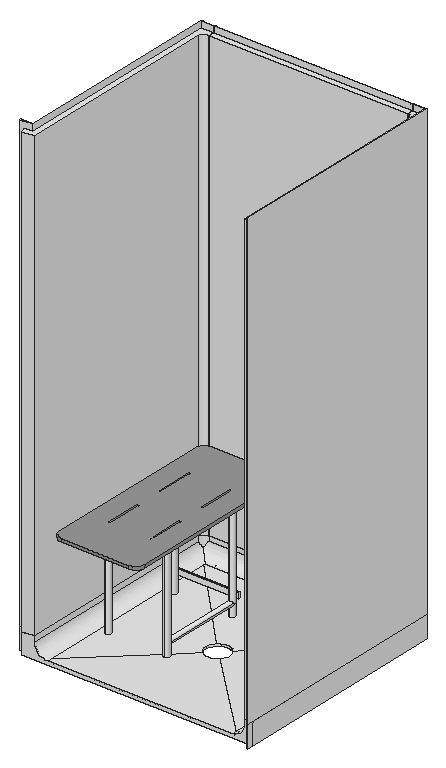
Revit family "4LSS4038A5T,A2T,A5B,A2B", category Plumbing Fixtures, Revit 2014
Parameters (values of type "4LSS4038A5T")
  Unit Width = 3' - 4 1/2"
  Unit Height = 6' - 9 1/8"
  URL = "http://www.best-bath.com/"
  Type Comments = "ADA Compliant"
  Threshold Height = 0' - 0 5/8"
  Model = "4LSS4038A5T"
  Material [instance] = Best Bath Gelcoat Fiberglass - Smooth
  Manufacturer = "Best Bath Systems, Inc."
  Keynote = "22 40 00.B3"
  Description = "Traditional Bull Nose Threshold"
  Assembly Code = "D2010710"
Types (5): name | Unit Height | Threshold Height | Model | Description
  (no name) | 6' - 9 1/8" | 0' - 0 5/8" | "4LSS4038A5T" | "Traditional Bull Nose Threshold"
  4LSS4038A5B | 6' - 9 1/8" | 0' - 0 5/8" | "4LSS4038A5B" | "Beveled Threshold"
  4LSS4038A5T | 6' - 9 1/8" | 0' - 0 5/8" | "4LSS4038A5T" | "Traditional Bull Nose Threshold"
  4LSS4038A2T | 6' - 10 1/2" | 0' - 2" | "4LSS4038A2T" | "Traditional Bull Nose Threshold"
  4LSS4038A2B | 6' - 10 1/2" | 0' - 2" | "4LSS4038A2B" | "Beveled Threshold"
Reference planes (in)
  plane 1 "Back": y = -0.5
  plane 2: z = 0
  plane 3 "Left": x = 0
  plane 4: x = 38.5
  plane 5: y = -37.625
  plane 6: z = 80.125
  plane 7: z = 0.625
  plane 8: z = 81.125
  plane 9: x = 19.25
  plane 10: z = 18.625
  plane 11: y = -36.625
  plane 12: y = -1.75
  plane 13: y = -21
  plane 14: z = 0.25
  plane 15: z = 34.625
  plane 16: z = 39.625
  plane 17: y = -38.625
  plane 18: x = -2
  plane 19: z = 3.625
Forms (in)
  Extrusion 1, solid, material "Best Bath Gelcoat Fiberglass - Smooth"
    sketch origin (0, 0, 0) x (1, 0, 0) y (0, 1, 0)
      loop
        line (0, -0.5) -> (0, -37.625) -> (38.5, -37.625) -> (38.5, -0.5) -> (0, -0.5)
      loop
        circle (19.25, -21) r 2.0625
    from 0 to 0.625
  Extrusion 2, solid, material "Best Bath Gelcoat Fiberglass - Smooth"
    sketch origin (0, 0, 0) x (1, 0, 0) y (0, 1, 0)
      loop
        line (0, -0.5) -> (0, -36.625) -> (-1.20994, -36.625) -> (-0.875, -37.625) -> (1.25, -37.625) -> (1.25, -2.75)
        arc (1.25, -2.75) -> (1.54289, -2.04289) -> (2.25, -1.75) r 1
        line (2.25, -1.75) -> (36.25, -1.75)
        arc (36.25, -1.75) -> (36.95711, -2.04289) -> (37.25, -2.75) r 1
        line (37.25, -2.75) -> (37.25, -37.625) -> (38.5, -37.625) -> (38.5, -0.5) -> (0, -0.5)
    from 0 to 3.625
  Extrusion 3, solid, material "Best Bath Gelcoat Fiberglass - Smooth"
    sketch origin (0, 0, 0) x (1, 0, 0) y (0, 1, 0)
      loop
        line (0, -36.625) -> (-1.20994, -36.625) -> (-0.875, -37.625) -> (1.25, -37.625) -> (1.25, -2.75185)
        arc (1.25, -2.75185) -> (1.54289, -2.04475) -> (2.25, -1.75185) r 1
        line (2.25, -1.75185) -> (2.25, -0.5) -> (0, -0.5) -> (0, -36.625)
      loop
        line (38.5, -37.625) -> (38.5, -0.5) -> (36.25, -0.5) -> (36.25, -1.75185)
        arc (36.25, -1.75185) -> (36.95711, -2.04475) -> (37.25, -2.75185) r 1
        line (37.25, -2.75185) -> (37.25, -37.625) -> (38.5, -37.625)
    from 3.625 to 80.125
  Extrusion 4, solid, material "Best Bath Gelcoat Fiberglass - Smooth"
    sketch origin (0, 0.2837, 0) x (1, 0, 0) y (0, 1, 0)
      loop
        line (2.25, -0.7837) -> (2.25, -2.0337) -> (36.25, -2.0337) -> (36.25, -0.7837) -> (2.25, -0.7837)
    from 3.625 to 80.125
  Extrusion 5, solid, material "Best Bath Gelcoat Fiberglass - Smooth"
    sketch origin (0, 0, 0) x (1, 0, 0) y (0, 1, 0)
      loop
        line (0, -0.5) -> (0, -36.5) -> (-2, -36.5) -> (-2, -36.625) -> (0.125, -36.625) -> (0.125, -0.625) -> (38.375, -0.625) -> (38.375, -38.625) -> (38.5, -38.625) -> (38.5, -0.5) -> (0, -0.5)
    from 0 to 3.625
  Sweep 6, solid, material "Best Bath Gelcoat Fiberglass - Smooth"
    path origin (0, 0, 0) x (1, 0, 0) y (0, 1, 0)
      loop
        line (1.25, -37.625) -> (1.25, -1.75) -> (37.25, -1.75) -> (37.25, -37.625)
    profile origin (1.25, -19.6875, 0) x (-1, 0, 0) y (0, 0, 1)
      loop
        line (0, 0.625) -> (0, 2.825)
        arc (0, 2.825) -> (-0.64437, 1.26937) -> (-2.2, 0.625) r 2.2
        line (-2.2, 0.625) -> (0, 0.625)
  Blend 7, void
    base sketch origin (0, 0, 0) x (1, 0, 0) y (0, 1, 0)
      loop
        line (2.6587, -3.5) -> (2.6587, -37.625) -> (35.75, -37.625) -> (35.75, -3.5) -> (2.6587, -3.5)
    top sketch origin (0, 0, 0) x (1, 0, 0) y (0, 1, 0)
      loop
        circle (19.25, -21) r 0.03988
    from 0.625 to 0.25
  Extrusion 8, solid, material "Best Bath Gelcoat Fiberglass - Smooth"
    sketch origin (0, 0, 0) x (1, 0, 0) y (0, 1, 0)
      loop
        line (0, -0.5) -> (0, -36.5) -> (-2, -36.5) -> (-2, -36.625) -> (0.125, -36.625) -> (0.125, -0.625) -> (2.25, -0.625) -> (2.25, -0.5) -> (0.125, -0.5) -> (0, -0.5)
      loop
        line (38.5, -38.625) -> (38.5, -0.5) -> (36.25, -0.5) -> (36.25, -0.625) -> (38.375, -0.625) -> (38.375, -38.625) -> (38.5, -38.625)
    from 3.625 to 81.125
  Extrusion 9, solid, material "Best Bath Gelcoat Fiberglass - Smooth"
    sketch origin (0, 0, 0) x (1, 0, 0) y (0, 1, 0)
      loop
        line (2.25, -0.5) -> (2.25, -0.625) -> (36.25, -0.625) -> (36.25, -0.5) -> (2.25, -0.5)
    from 80.125 to 81.125
Cuts and joins
  joined: Extrusion 3, Extrusion 8
  joined: Extrusion 4, Extrusion 9
  Blend 7 cuts Extrusion 1
  Blend 7 cuts Extrusion 2
  Blend 7 cuts Sweep 6
  joined: Extrusion 1, Extrusion 2, Sweep 6
Dimensions and locks (in)
  locked: plane 3 "Left" to plane 4 at 38.5
  "Threshold Height": plane 7 to level
  locked: plane 8 to plane 6 at 1
  "Unit Height": plane 8 to level
  equal spacing: plane 3 "Left", plane 9, plane 4
  locked: plane 11 to plane 5 at 1
  plane 1 "Back" to plane 13 = 1' - 8 1/2"
  plane 12 to plane 1 "Back" = 0' - 1 1/4"
  Extrusion 2 sketch curve to Extrusion 1 = 0' - 1 1/4"
  Extrusion 1 to Extrusion 2 sketch curve = 0' - 1 1/4"
  locked: plane 7 to plane 14 at 0.375
  locked: plane 10 to plane 7 at 18
  locked: plane 16 to plane 7 at 39
  locked: plane 15 to plane 7 at 34
  locked: plane 5 to plane 17 at 1
  locked: plane 17 to plane 1 "Back" at 38.125
  "Unit Width": plane 18 to plane 4
  locked: plane 19 to plane 7 at 3
  aligned and locked: level to plane 2
  aligned and locked: plane 7 to Extrusion 1
  aligned and locked: plane 5 to Extrusion 1 sketch curve
  aligned and locked: plane 4 to Extrusion 1 sketch curve
  aligned and locked: Extrusion 2 sketch curve to Extrusion 1  (x4)
  aligned and locked: Extrusion 2 sketch curve to plane 12
  aligned and locked: plane 13 to Extrusion 1 sketch curve
  aligned and locked: plane 9 to Extrusion 1 sketch curve
  aligned and locked: plane 6 to Extrusion 3
  aligned and locked: plane 6 to Extrusion 4
  aligned and locked: plane 10 to nested 1
  aligned and locked: plane 15 to nested 2
  aligned and locked: plane 16 to nested 4
  aligned and locked: plane 15 to nested 3
  aligned and locked: Sweep 6 sketch curve to plane 7
  aligned and locked: plane 13 to Blend 7 sketch curve
  aligned and locked: plane 9 to Blend 7 sketch curve
  aligned and locked: Extrusion 1 to Blend 7
  aligned and locked: Blend 7 to plane 14
  aligned and locked: Extrusion 5 to Extrusion 3
  aligned and locked: Extrusion 8 to Extrusion 3
  aligned and locked: Extrusion 8 to Extrusion 4
  aligned and locked: plane 8 to Extrusion 8
  aligned and locked: Extrusion 9 to plane 6
  aligned and locked: plane 8 to Extrusion 9
  aligned and locked: plane 19 to cut or joined group of Extrusion 1, Extrusion 2, Sweep 6, Blend 7
  aligned and locked: cut or joined group of Extrusion 4, Extrusion 9 to plane 19
Automatic sketch dimensions
  Extrusion 1 sketch curve to plane 3 "Left" = 0' - 0"
  plane 1 "Back" to Extrusion 1 sketch curve = 0' - 0"
  Extrusion 2 sketch curve to plane 11 = 0' - 0"
  Extrusion 2 sketch curve to plane 5 = 0' - 0"
  Extrusion 2 sketch curve to plane 3 "Left" = 0' - 0 7/8"
  Extrusion 2 sketch curve to Extrusion 2 sketch curve = 0' - 0.33494"
  Extrusion 2 sketch curve to Extrusion 2 sketch curve = 0' - 1"  (x2)
  Sweep 6 sketch curve to profile plane = 0' - 0"
  profile plane to Sweep 6 sketch curve = 0' - 2.2"
  Blend 7 sketch curve to plane 5 = 0' - 0"
  plane 3 "Left" to Blend 7 sketch curve = 0' - 2.6587"
  plane 4 to Blend 7 sketch curve = 0' - 2 3/4"
  Blend 7 sketch curve to plane 12 = 0' - 1 3/4"
  Extrusion 5 sketch curve to plane 11 = 0' - 0"
  plane 1 "Back" to Extrusion 5 sketch curve = 0' - 0"
  Extrusion 5 sketch curve to plane 3 "Left" = 0' - 0"
  Extrusion 5 sketch curve to plane 17 = 0' - 0"
  Extrusion 5 sketch curve to plane 4 = 0' - 0"
  Extrusion 5 sketch curve to plane 3 "Left" = 0' - 2"
  plane 3 "Left" to Extrusion 5 sketch curve = 0' - 0 1/8"
  plane 4 to Extrusion 5 sketch curve = 0' - 0 1/8"
  plane 11 to Extrusion 5 sketch curve = 0' - 0 1/8"
  plane 1 "Back" to Extrusion 5 sketch curve = 0' - 0 1/8"
  Sweep 6 sketch curve to plane 5 = 0' - 0"  (x2)
  plane 3 "Left" to Sweep 6 sketch curve = 0' - 1 1/4"
  plane 4 to Sweep 6 sketch curve = 0' - 1 1/4"
  Sweep 6 sketch curve to plane 12 = 0' - 0"
  Extrusion 3 sketch curve to plane 11 = 0' - 0"
  Extrusion 3 sketch curve to plane 5 = 0' - 0"  (x2)
  Extrusion 3 sketch curve to plane 3 "Left" = 0' - 0"
  plane 1 "Back" to Extrusion 3 sketch curve = 0' - 0"  (x2)
  Extrusion 3 sketch curve to plane 4 = 0' - 0"
  Extrusion 3 sketch curve to plane 3 "Left" = 0' - 0 7/8"
  plane 18 to Extrusion 3 sketch curve = 0' - 0.79006"
  plane 3 "Left" to Extrusion 3 sketch curve = 0' - 1 1/4"
  Extrusion 3 sketch curve to plane 12 = 0' - 0.00185"  (x2)
  Extrusion 3 sketch curve to Extrusion 3 sketch curve = 0' - 1"
  plane 4 to Extrusion 3 sketch curve = 0' - 2 1/4"
  plane 4 to Extrusion 3 sketch curve = 0' - 1 1/4"
  Extrusion 8 sketch curve to plane 11 = 0' - 0"
  Extrusion 8 sketch curve to plane 18 = 0' - 0"
  plane 1 "Back" to Extrusion 8 sketch curve = 0' - 0"  (x2)
  Extrusion 8 sketch curve to plane 3 "Left" = 0' - 0"
  Extrusion 8 sketch curve to plane 17 = 0' - 0"
  Extrusion 8 sketch curve to plane 4 = 0' - 0"
  plane 3 "Left" to Extrusion 8 sketch curve = 0' - 0 1/8"  (x2)
  plane 1 "Back" to Extrusion 8 sketch curve = 0' - 0 1/8"  (x2)
  Extrusion 8 sketch curve to Extrusion 8 sketch curve = 0' - 2 1/8"
  plane 4 to Extrusion 8 sketch curve = 0' - 2 1/4"
  plane 4 to Extrusion 8 sketch curve = 0' - 0 1/8"
  plane 11 to Extrusion 8 sketch curve = 0' - 0 1/8"
  plane 1 "Back" to Extrusion 9 sketch curve = 0' - 0"
  plane 1 "Back" to Extrusion 9 sketch curve = 0' - 0 1/8"
  plane 3 "Left" to Extrusion 9 sketch curve = 0' - 2 1/4"
  plane 4 to Extrusion 9 sketch curve = 0' - 2 1/4"
  Extrusion 4 sketch curve to plane 12 = 0' - 0"
  plane 1 "Back" to Extrusion 4 sketch curve = 0' - 0"
  plane 3 "Left" to Extrusion 4 sketch curve = 0' - 2 1/4"
  plane 4 to Extrusion 4 sketch curve = 0' - 2 1/4"
  radius of Extrusion 1 sketch curve = 0' - 2 1/16"
  radius of Blend 7 sketch curve = 0' - 0.03988"
Nested families (in)
  nested 1: "ADA Shower Seat" at (1.1587, -19.5, 0) x (0, 1, 0) z (0, 0, 1), type "SE3216PHSO"
  nested 2: "Grab Bar - horiz" at (20.5, -1.75, 0), type "12" x 1.25""
  nested 3: "Grab Bar - horiz" at (37.25, -6.5, 0) x (0, -1, 0) z (0, 0, 1), type "27" x 1.25""
  nested 4: "Grab Bar - vertical" at (37.25, -33.625, 0) x (0, -1, 0) z (0, 0, 1), type "18" x 1.25""
Definition of nested family "ADA Shower Seat"
  Parameters (values of type "SE3216PHSO")
    URL = "http://seachrome.com/"
    Seat Width = 2' - 8"
    Seat Height = 1' - 6"
    Seat Depth = 1' - 2.58516"
    Model = "SE3216PHSO"
    Manufacturer = "Seachrome"
    Keynote = "22 40 00.B7"
    Description = "32\" x 16\" fold down seat with swing-down legs, phenolic"
    Assembly Code = "C1030200"
  Reference planes (in)
    plane 1 "Center (Front/Back)": y = 0
    plane 2: z = 0
    plane 3 "Center (Left/Right)": x = 0
    plane 4: x = 16
    plane 5: x = -16
    plane 6: y = -1.5
    plane 7: y = -16.08516
    plane 8: z = 18.125
    plane 9: z = 18.625
    plane 10: y = -8.79258
    plane 11: x = 12.5
    plane 12: x = -12.5
    plane 13: x = 7
    plane 14: x = -7
    plane 15: z = 3.125
    plane 16: x = -8.75
    plane 17: x = 8.75
    plane 18: z = 14.875
    plane 19: y = -14.5
    plane 20: y = -3.08516
    plane 21: z = 0.625
    plane 22: y = -12.18516
  Forms (in)
    Extrusion 1, solid, material "UHMW, White"
      sketch origin (0, 0, 0) x (1, 0, 0) y (0, 1, 0)
        loop
          line (-14.5, -16.08516) -> (14.5, -16.08516)
          arc (14.5, -16.08516) -> (15.56066, -15.64582) -> (16, -14.58516) r 1.5
          line (16, -14.58516) -> (16, -3)
          arc (16, -3) -> (15.56066, -1.93934) -> (14.5, -1.5) r 1.5
          line (14.5, -1.5) -> (-14.5, -1.5)
          arc (-14.5, -1.5) -> (-15.56066, -1.93934) -> (-16, -3) r 1.5
          line (-16, -3) -> (-16, -14.58516)
          arc (-16, -14.58516) -> (-15.56066, -15.64582) -> (-14.5, -16.08516) r 1.5
        loop
          line (2.5, -12.18516) -> (2.5, -12.51598) -> (8.5, -12.51598) -> (8.5, -12.18516) -> (2.5, -12.18516)
        loop
          line (-2.5, -12.18516) -> (-8.5, -12.18516) -> (-8.5, -12.51598) -> (-2.5, -12.51598) -> (-2.5, -12.18516)
        loop
          line (2.5, -5.4) -> (8.5, -5.4) -> (8.5, -5.06918) -> (2.5, -5.06918) -> (2.5, -5.4)
        loop
          line (-2.5, -5.4) -> (-2.5, -5.06918) -> (-8.5, -5.06918) -> (-8.5, -5.4) -> (-2.5, -5.4)
      from 18.125 to 18.625
    Extrusion 2, solid, material "Plastic black"
      sketch origin (0, 0, 0) x (1, 0, 0) y (0, 0, 1)
        loop
          line (12.5, 18.125) -> (11.25, 18.125) -> (11.25, 16.875) -> (12.5, 16.875) -> (12.5, 18.125)
        loop
          line (-12.5, 18.125) -> (-12.5, 16.875) -> (-11.25, 16.875) -> (-11.25, 18.125) -> (-12.5, 18.125)
      from 3.08516 to 14.5
    Extrusion 3, solid, material "Stainless Steel"
      sketch origin (0, 0, 0) x (0, 1, 0) y (0, 0, 1)
        loop
          circle (-13.79172, 17.48981) r 0.5
        loop
          circle (-3.79344, 17.48981) r 0.5
      from -11.25 to 11.25
    Extrusion 4, solid, material "Stainless Steel"
      sketch origin (0, 0, 0) x (1, 0, 0) y (0, 1, 0)
        loop
          circle (7.00288, -13.80003) r 0.5
        loop
          circle (7.00144, -3.78513) r 0.5
        loop
          circle (-7.00288, -13.80003) r 0.5
        loop
          circle (-7.00144, -3.78513) r 0.5
      from 0.625 to 17.45503
    Extrusion 5, solid, material "Stainless Steel"
      sketch origin (0, -1.3096, -0.78907) x (0, 1, 0) y (0, 0, 1)
        loop
          circle (-12.49231, 3.4124) r 0.41989
      from -7.0139 to 7.00631
    Extrusion 6, solid, material "Stainless Steel"
      sketch origin (0, 0, 0) x (0, 1, 0) y (0, 0, 1)
        loop
          line (-3.1406, 3.125) -> (-3.1406, 4.01812) -> (-14.44464, 4.01812) -> (-14.44464, 3.125) -> (-3.1406, 3.125)
      from 7.85927 to 7.555
    Extrusion 7, solid, material "Stainless Steel"
      sketch origin (0, 0, 0) x (1, 0, 0) y (0, 0, 1)
        loop
          circle (-8.75, 14.875) r 1.5
        loop
          circle (8.75, 14.875) r 1.5
      from 0 to 0.25
    Sweep 8, solid, material "Stainless Steel"
      path origin (0, 0, 0) x (0, 1, 0) y (0, 0, 1)
        loop
          line (-0.25, 14.87196) -> (-2.29273, 14.87196)
          arc (-2.29273, 14.87196) -> (-3.35339, 15.3113) -> (-3.79273, 16.37196) r 1.5
          line (-3.79273, 16.37196) -> (-3.79273, 17.45503)
      profile origin (0, -1.27137, 14.87196) x (0, 0, -1) y (1, 0, 0)
        loop
          circle (-0.00304, 8.75) r 0.5
        loop
          circle (-0.00304, -8.75) r 0.5
  Dimensions and locks (in)
    equal spacing: plane 5, plane 3 "Center (Left/Right)", plane 4
    "Seat Width": plane 5 to plane 4
    "Seat Depth": plane 7 to plane 6
    locked: plane 6 to plane 1 "Center (Front/Back)" at 1.5
    locked: plane 9 to plane 8 at 0.5
    equal spacing: plane 7, plane 10, plane 6
    equal spacing: plane 11, plane 3 "Center (Left/Right)", plane 12
    equal spacing: plane 14, plane 3 "Center (Left/Right)", plane 13
    equal spacing: Extrusion 4 sketch curve, plane 10, Extrusion 4 sketch curve
    equal spacing: plane 16, plane 3 "Center (Left/Right)", plane 17
    locked: Extrusion 6 to Extrusion 6 at 0.30428
    locked: plane 21 to level at 0.625
    "Seat Height": plane 9 to plane 21
    Extrusion 1 sketch curve to Extrusion 1 sketch curve = 0' - 6"  (x2)
    Extrusion 1 sketch curve to plane 22 = 0' - 3.9"
    Extrusion 1 sketch curve to Extrusion 1 sketch curve = 0' - 5"
    aligned and locked: plane 2 to level
    aligned and locked: Extrusion 1 sketch curve to plane 6
    aligned and locked: Extrusion 1 sketch curve to plane 5
    aligned and locked: plane 4 to Extrusion 1 sketch curve
    aligned and locked: plane 9 to Extrusion 1
    aligned and locked: Extrusion 1 to plane 8
    aligned and locked: plane 11 to Extrusion 2 sketch curve
    aligned and locked: plane 12 to Extrusion 2 sketch curve
    aligned and locked: Extrusion 7 to plane 1 "Center (Front/Back)"
    aligned and locked: Extrusion 2 to plane 19
    aligned and locked: plane 20 to Extrusion 2
    aligned and locked: plane 22 to Extrusion 1 sketch curve
    aligned and locked: plane 16 to Extrusion 7 sketch curve
    aligned and locked: plane 18 to Extrusion 7 sketch curve  (x2)
    aligned and locked: plane 17 to Extrusion 7 sketch curve
    aligned and locked: plane 16 to Sweep 8 sketch curve
    aligned and locked: plane 18 to Sweep 8 sketch curve  (x2)
    aligned and locked: plane 17 to Sweep 8 sketch curve
    aligned and locked: plane 11 to Extrusion 2
    aligned and locked: Extrusion 2 to plane 12
  Automatic sketch dimensions
    Extrusion 2 sketch curve to plane 8 = 0' - 0"  (x2)
    Extrusion 2 sketch curve to plane 8 = 0' - 1 1/4"  (x2)
    Extrusion 2 sketch curve to Extrusion 2 sketch curve = 0' - 1 1/4"  (x2)
    Extrusion 5 sketch curve to plane 7 = 0' - 2.28324"
    level to Extrusion 5 sketch curve = 0' - 2.62333"
    plane 15 to Extrusion 6 sketch curve = 0' - 0"
    Extrusion 6 sketch curve to plane 7 = 0' - 1.64052"
    Extrusion 6 sketch curve to plane 15 = 0' - 0.89312"
    plane 6 to Extrusion 6 sketch curve = 0' - 1.6406"
    plane 19 to Extrusion 3 sketch curve = 0' - 0.70828"
    Extrusion 3 sketch curve to plane 20 = 0' - 0.70828"
    Extrusion 3 sketch curve to plane 8 = 0' - 0.63519"  (x2)
    Extrusion 4 sketch curve to plane 14 = 0' - 0.00288"
    Extrusion 4 sketch curve to plane 14 = 0' - 0.00144"
    plane 13 to Extrusion 4 sketch curve = 0' - 0.00144"
    plane 13 to Extrusion 4 sketch curve = 0' - 0.00288"
    plane 19 to Extrusion 4 sketch curve = 0' - 0.69997"  (x2)
    Extrusion 4 sketch curve to plane 20 = 0' - 0.69997"
    Sweep 8 sketch curve to plane 18 = 0' - 0.00304"
    plane 1 "Center (Front/Back)" to Sweep 8 sketch curve = 0' - 0 1/4"
    Sweep 8 sketch curve to plane 8 = 0' - 0.66997"
    plane 20 to Sweep 8 sketch curve = 0' - 0.79243"
    Sweep 8 sketch curve to plane 20 = 0' - 0.70757"
    plane 22 to Extrusion 1 sketch curve = 0' - 0"
    plane 5 to Extrusion 1 sketch curve = 0' - 1 1/2"
    Extrusion 1 sketch curve to plane 19 = 0' - 0.08516"
    Extrusion 1 sketch curve to plane 16 = 0' - 0 1/4"  (x2)
    Extrusion 1 sketch curve to plane 3 "Center (Left/Right)" = 0' - 2 1/2"
    plane 3 "Center (Left/Right)" to Extrusion 1 sketch curve = 0' - 2 1/2"
    plane 17 to Extrusion 1 sketch curve = 0' - 0 1/4"
    Extrusion 1 sketch curve to plane 4 = 0' - 1 1/2"  (x2)
    Extrusion 1 sketch curve to Extrusion 1 sketch curve = 0' - 0.33082"  (x3)
    plane 22 to Extrusion 1 sketch curve = 0' - 0.33082"
    Extrusion 1 sketch curve to plane 20 = 0' - 2.31484"  (x2)
    radius of Extrusion 5 sketch curve = 0' - 0.41989"
    radius of Extrusion 7 sketch curve = 0' - 1 1/2"  (x2)
    radius of Extrusion 3 sketch curve = 0' - 0 1/2"  (x2)
    radius of Extrusion 4 sketch curve = 0' - 0 1/2"  (x4)
    radius of Sweep 8 sketch curve = 0' - 0 1/2"  (x2)
Definition of nested family "Grab Bar - horiz"
  Parameters (values of type "25" x 1/25"")
    Grab Bar Size = 2' - 1"
    URL = "http://seachrome.com/"
    Threshold Height = 0' - 0 5/8"
    Mounting Height = 2' - 10"
    Model = "GB25QSS"
    Manufacturer = "Seachrome Corp."
    Keynote = "10 28 00.C1"
    Description = "25\" x 1.25\" grab bar"
    Assembly Code = "C1030200"
  Types (5): name | Grab Bar Size | Model | Description
    12" x 1.25" | 1' - 0" | "GB12QSS" | "18\" x 1.25\" grab bar"
    27" x 1.25" | 2' - 3" | "GB27QSS" | "27\" x 1.25\" grab bar"
    24" x 1.25" | 2' - 0" | "GB24QSS" | "24\" x 1.25\" grab bar"
    48" x 1.25" | 4' - 0" | "GB48QSS" | "48\" x 1.25\" grab bar"
    25" x 1/25" | 2' - 1" | "GB25QSS" | "25\" x 1.25\" grab bar"
  Reference planes (in)
    plane 1 "Center (Front/Back)": y = 0
    plane 2: z = 0
    plane 3 "Center (Left/Right)": x = 0
    plane 4: z = 34.625
    plane 5: z = 0.625
    plane 6: x = 25
  Forms (in)
    Extrusion 1, solid, material "Stainless Steel, Brushed"
      sketch origin (0, 0, 0) x (1, 0, 0) y (0, 0, 1)
        loop
          circle (0, 34.625) r 1.5625
        loop
          circle (25, 34.625) r 1.5625
      from 0 to 0.25
    Sweep 2, solid, material "Stainless Steel, Brushed"
      path origin (0, 0, 0) x (1, 0, 0) y (0, 1, 0)
        loop
          line (0, -0.25) -> (0, -0.375)
          arc (0, -0.375) -> (0.51256, -1.61244) -> (1.75, -2.125) r 1.75
          line (1.75, -2.125) -> (23.25, -2.125)
          arc (23.25, -2.125) -> (24.48744, -1.61244) -> (25, -0.375) r 1.75
          line (25, -0.375) -> (25, -0.25)
      profile origin (12.5, -2.125, 0) x (0, 1, 0) y (0, 0, 1)
        loop
          circle (0, 34.625) r 0.625
  Dimensions and locks (in)
    "Threshold Height": plane 5 to level
    "Mounting Height": plane 4 to plane 5
    "Grab Bar Size": plane 6 to plane 3 "Center (Left/Right)"
    Sweep 2 sketch curve to plane 1 "Center (Front/Back)" = 0' - 2 1/8"
    aligned and locked: level to plane 2
  Automatic sketch dimensions
    Extrusion 1 sketch curve to plane 3 "Center (Left/Right)" = 0' - 0"
    Extrusion 1 sketch curve to plane 4 = 0' - 0"  (x2)
    Extrusion 1 sketch curve to plane 6 = 0' - 0"
    Sweep 2 sketch curve to plane 3 "Center (Left/Right)" = 0' - 0"
    plane 1 "Center (Front/Back)" to Sweep 2 sketch curve = 0' - 0 3/8"
    Sweep 2 sketch curve to plane 6 = 0' - 0"
    Sweep 2 sketch curve to plane 6 = 0' - 1 3/4"
    Sweep 2 sketch curve to Sweep 2 sketch curve = 0' - 0 1/8"  (x2)
    Sweep 2 sketch curve to profile plane = 0' - 0"
    level to Sweep 2 sketch curve = 2' - 10 5/8"
    radius of Extrusion 1 sketch curve = 0' - 1 9/16"  (x2)
    radius of Sweep 2 sketch curve = 0' - 0 5/8"
Definition of nested family "Grab Bar - vertical"
  Parameters (values of type "18" x 1.25"")
    Wall Clearance = 0' - 2 1/8"
    Mounting Height = 3' - 3"
    Grab Bar Size = 1' - 6"
    URL = "http://seachrome.com/"
    Threshold Height = 0' - 0 5/8"
    Model = "GB18QSS"
    Manufacturer = "Seachrome Corp."
    Keynote = "10 28 00.C1"
    Description = "18\" x 1.25\" grab bar"
    Assembly Code = "C1030200"
  Reference planes (in)
    plane 1 "Center (Front/Back)": y = 0
    plane 2: z = 0
    plane 3 "Center (Left/Right)": x = 0
    plane 4: z = 39.625
    plane 5: z = 57.625
    plane 6: z = 0.625
  Forms (in)
    Sweep 1, solid, material "Stainless Steel, Brushed"
      path origin (0, 0, 0) x (0, 1, 0) y (0, 0, 1)
        loop
          line (-0.25, 39.625) -> (-0.375, 39.625)
          arc (-0.375, 39.625) -> (-1.61244, 40.13756) -> (-2.125, 41.375) r 1.75
          line (-2.125, 41.375) -> (-2.125, 55.875)
          arc (-2.125, 55.875) -> (-1.61244, 57.11244) -> (-0.375, 57.625) r 1.75
          line (-0.375, 57.625) -> (-0.25, 57.625)
      profile origin (0, -0.3125, 39.625) x (0, 0, -1) y (1, 0, 0)
        loop
          circle (0, 0) r 0.625
    Extrusion 2, solid, material "Stainless Steel, Brushed"
      sketch origin (0, 0, 0) x (1, 0, 0) y (0, 0, 1)
        loop
          circle (0, 39.625) r 1.5625
        loop
          circle (0, 57.625) r 1.5625
      from 0 to 0.25
  Dimensions and locks (in)
    "Grab Bar Size": plane 5 to plane 4
    Extrusion 2 to Sweep 1 sketch curve = 0' - 1 7/8"
    "Threshold Height": plane 6 to level
    "Mounting Height": plane 4 to plane 6
    aligned and locked: level to plane 2
    aligned and locked: plane 5 to Sweep 1 sketch curve
    aligned and locked: Sweep 1 sketch curve to plane 4
  Automatic sketch dimensions
    Sweep 1 sketch curve to plane 3 "Center (Left/Right)" = 0' - 0"
    Sweep 1 sketch curve to profile plane = 0' - 0"
    Extrusion 2 sketch curve to plane 3 "Center (Left/Right)" = 0' - 0"  (x2)
    Extrusion 2 sketch curve to plane 4 = 0' - 0"
    Extrusion 2 sketch curve to plane 5 = 0' - 0"
    Sweep 1 sketch curve to plane 5 = 0' - 1 3/4"
    plane 1 "Center (Front/Back)" to Sweep 1 sketch curve = 0' - 0 1/4"
    Sweep 1 sketch curve to Sweep 1 sketch curve = 0' - 0 1/8"
    Sweep 1 sketch curve to plane 5 = 0' - 0"
    plane 4 to Sweep 1 sketch curve = 0' - 1 3/4"
    radius of Sweep 1 sketch curve = 0' - 0 5/8"
    radius of Extrusion 2 sketch curve = 0' - 1 9/16"  (x2)
